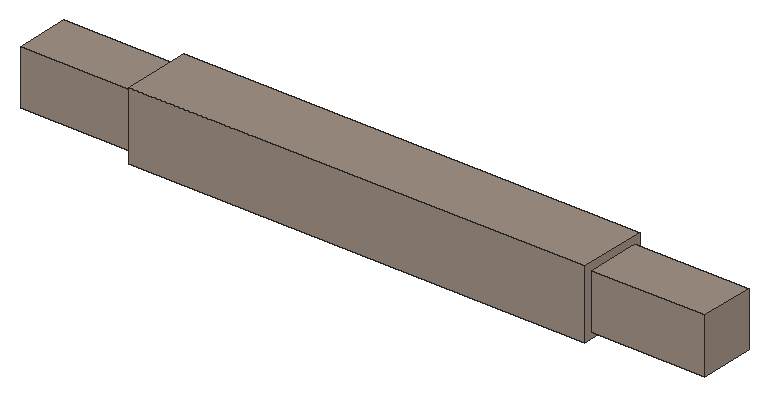
Revit family "NM_wood milled beam", category Generic Models, Revit 2014
Parameters
  millingheight = 50 mm
  milling = 3 mm
  length [instance] = 300 mm
  lenght_calc [instance] = if(length > 1110 mm, 1110 mm, length)  # 300 mm
  beam_section = 30 mm
  Default Elevation = 1219.2 mm
Reference planes
  plane 1 "Center (Front/Back)": y = 0
  plane 2: z = 0
  plane 3 "Center (Left/Right)": x = 0
  plane 4: z = 15
  plane 5: z = -15
  plane 6: y = -15
  plane 7: y = 15
  plane 8: x = 150
  plane 9: x = -150
  plane 10: y = 12
  plane 11: y = -12
  plane 12: z = -12
  plane 13: z = 12
  plane 14: x = 100
  plane 15: x = -100
Forms (mm)
  Extrusion 1, solid, material "NM_natural birch"
    sketch origin (0, 0, 0) x (0, 1, 0) y (0, 0, 1)
      loop
        line (15, 15) -> (-15, 15) -> (-15, -15) -> (15, -15) -> (15, 15)
    from -150 to 150
  Extrusion 2, void
    sketch origin (0, 0, 0) x (0, 1, 0) y (0, 0, 1)
      loop
        line (15, 15) -> (-15, 15) -> (-15, -15) -> (15, -15) -> (15, 15)
      loop
        line (12, 12) -> (-12, 12) -> (-12, -12) -> (12, -12) -> (12, 12)
    from 100 to 150
  Extrusion 3, void
    sketch origin (0, 0, 0) x (0, 1, 0) y (0, 0, 1)
      loop
        line (-15, 15) -> (-15, -15) -> (15, -15) -> (15, 15) -> (-15, 15)
      loop
        line (-12, 12) -> (-12, -12) -> (12, -12) -> (12, 12) -> (-12, 12)
    from -150 to -100
Cuts and joins
  Extrusion 2, Extrusion 3 cuts Extrusion 1
Dimensions and locks
  "beam_section": plane 4 to plane 5
  equal spacing: plane 4, level, plane 5
  "beam_section": plane 7 to plane 6
  equal spacing: plane 7, plane 1 "Center (Front/Back)", plane 6
  "length": plane 8 to plane 9
  equal spacing: plane 8, plane 3 "Center (Left/Right)", plane 9
  "milling": plane 4 to plane 13
  "milling": plane 12 to plane 5
  "milling": plane 7 to plane 10
  "milling": plane 11 to plane 6
  "millingheight": plane 8 to plane 14
  "millingheight": plane 15 to plane 9
  aligned and locked: level to plane 2
  aligned and locked: plane 5 to Extrusion 1 sketch curve
  aligned and locked: Extrusion 1 sketch curve to plane 6
  aligned and locked: Extrusion 1 sketch curve to plane 4
  aligned and locked: plane 7 to Extrusion 1 sketch curve
  aligned and locked: plane 8 to Extrusion 1
  aligned and locked: Extrusion 1 to plane 9
  aligned and locked: plane 7 to Extrusion 2 sketch curve
  aligned and locked: Extrusion 2 sketch curve to plane 4
  aligned and locked: Extrusion 2 sketch curve to plane 6
  aligned and locked: plane 5 to Extrusion 2 sketch curve
  aligned and locked: Extrusion 2 sketch curve to plane 13
  aligned and locked: plane 10 to Extrusion 2 sketch curve
  aligned and locked: Extrusion 2 sketch curve to plane 12
  aligned and locked: Extrusion 2 sketch curve to plane 11
  aligned and locked: plane 8 to cut or joined group of Extrusion 1, Extrusion 2, Extrusion 3  (x2)
  aligned and locked: cut or joined group of Extrusion 1, Extrusion 2, Extrusion 3 to plane 14
  aligned and locked: Extrusion 3 sketch curve to plane 4
  aligned and locked: plane 7 to Extrusion 3 sketch curve
  aligned and locked: plane 5 to Extrusion 3 sketch curve
  aligned and locked: Extrusion 3 sketch curve to plane 6
  aligned and locked: Extrusion 3 sketch curve to plane 13
  aligned and locked: Extrusion 3 sketch curve to plane 11
  aligned and locked: Extrusion 3 sketch curve to plane 12
  aligned and locked: plane 10 to Extrusion 3 sketch curve
  aligned and locked: cut or joined group of Extrusion 1, Extrusion 2, Extrusion 3 to plane 9
  aligned and locked: plane 15 to cut or joined group of Extrusion 1, Extrusion 2, Extrusion 3
